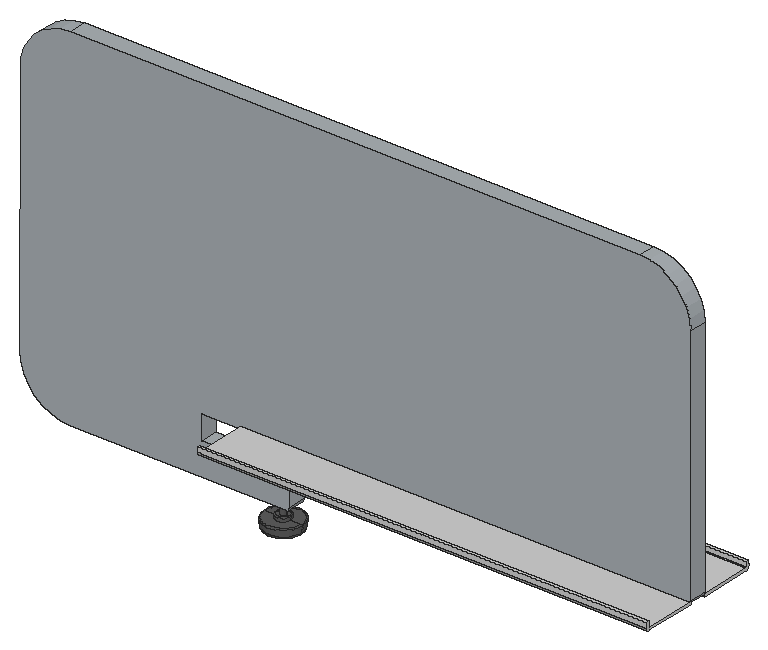
Revit family "Haworth_ActiveComponents_TerritoryScreen_BUILD", category Furniture Systems, Revit 2015
Parameters (values of type "Double-Sided")
  Warranty = "http://www.haworth.com/resources/product-info/warranties"
  URL - Product = "http://www.haworth.com/products/workspaces/accessories/active-components"
  URL = "http://www.haworth.com/"
  Tray Finish [instance] = Haworth _ Metal _ Brushed Aluminum
  Size = "Verify Final Dim. w/ Haworth"  # constant formula
  Single = not(Double)  # no
  Revision Number = "1"  # constant formula
  Model = "AUST"  # constant formula
  Manufacturer = "Haworth"  # constant formula
  Fabric Finish [instance] = Haworth _ Fabric _ Class _ Light Cool Neutral
  Double = yes
  Description = "Haworth - Active Components - Territory Screen"  # constant formula
  Author = "Haworth (Alias)"  # constant formula
  Assembly Code = "E2020200"
  Actual Width = 35"  # constant formula
  Actual Mounting Height = 29"  # constant formula
  Actual Height = 15"  # constant formula
  Actual Depth = 29/32"  # constant formula
Types (2): name | Single | Double
  Double-Sided | no | yes
  Single-Sided | yes | no
Reference planes (in)
  plane 1: z = 0
  plane 2 "Left Edge": x = -12.3125
  plane 3 "Back": y = 7.13569
  plane 4 "Front": y = 6.22944
  plane 5 "Support Top": z = 44
  plane 6 "Center F/B": y = 6.68256
  plane 7 "Bottom Screen": z = 29
  plane 8 "Right Edge": x = 22.6875
  plane 9 "Center LR": x = 5.1875
  plane 10 "Thickness Control": x = 1.0625
  plane 11 "Tray End": x = -0.75
Forms (in)
  Sweep 1, solid, material "Haworth _ Fabric _ Class _ Light Cool Neutral" <- "Fabric Finish"
    path origin (0, 0, 29) x (-1, 0, 0) y (0, -1, 0)
      loop
        line (-5.1875, -6.22944) -> (-5.1875, -7.13569)
    profile origin (5.1875, 6.68256, 29) x (-1, 0, 0) y (0, 0, 1)
      loop
        line (8.01, -0.624) -> (8.01, -1.904) -> (5.69, -1.904) -> (5.69, -2.216) -> (3.6275, -2.216)
        arc (3.6275, -2.216) -> (3.49492, -2.27092) -> (3.44, -2.4035) r 0.1875
        line (3.44, -2.4035) -> (3.44, -3.4285)
        arc (3.44, -3.4285) -> (3.49492, -3.56108) -> (3.6275, -3.616) r 0.1875
        line (3.6275, -3.616) -> (14.875, -3.616)
        arc (14.875, -3.616) -> (16.73116, -2.84716) -> (17.5, -0.991) r 2.625
        line (17.5, -0.991) -> (17.5, 12.191)
        arc (17.5, 12.191) -> (16.73116, 14.04715) -> (14.875, 14.816) r 2.625
        line (14.875, 14.816) -> (-14.875, 14.816)
        arc (-14.875, 14.816) -> (-16.73116, 14.04715) -> (-17.5, 12.191) r 2.625
        line (-17.5, 12.191) -> (-17.5, -0.4365)
        arc (-17.5, -0.4365) -> (-17.44508, -0.56908) -> (-17.3125, -0.624) r 0.1875
        line (-17.3125, -0.624) -> (8.01, -0.624)
  Revolve 2, solid, material "Haworth _ Paint _ Black"
    sketch origin (0, 6.68256, 0) x (0, 0, -1) y (-1, 0, 0)
      loop
        line (-27.196, -1.0625) -> (-27.196, -2.5625) -> (-27.121, -2.5625) -> (-27.121, -1.4375) -> (-26.871, -1.4375) -> (-26.871, -1.2205) -> (-24.871, -1.2205) -> (-24.871, -1.39844)
        arc (-24.871, -1.39844) -> (-24.85956, -1.42606) -> (-24.83194, -1.4375) r 0.03906
        line (-24.83194, -1.4375) -> (-24.683, -1.4375) -> (-24.683, -2.01987)
        arc (-24.683, -2.01987) -> (-24.67033, -2.04867) -> (-24.64053, -2.05878) r 0.03906
        line (-24.64053, -2.05878) -> (-24.28066, -2.0273)
        arc (-24.28066, -2.0273) -> (-24.25526, -2.01478) -> (-24.245, -1.98839) r 0.03906
        line (-24.245, -1.98839) -> (-24.245, -1.0625) -> (-27.196, -1.0625)
      axis (-27.196, -1.0625) -> (-24.245, -1.0625)
    angle from 0 to 360
  Sweep 3, solid, material "Haworth _ Metal _ Brushed Aluminum" <- "Tray Finish", visible <- "Double"
    path origin (0, 0, 29) x (-1, 0, 0) y (0, -1, 0)
      loop
        line (0.75, -6.68256) -> (-22.6875, -6.68256)
    profile origin (10.96875, 6.68256, 29) x (0, 1, 0) y (0, 0, 1)
      loop
        line (-0.45312, -0.499) -> (-3.16215, -0.499)
        arc (-3.16215, -0.499) -> (-3.18538, -0.48938) -> (-3.195, -0.46614) r 0.03285
        line (-3.195, -0.46614) -> (-3.195, -0.189) -> (-3.32, -0.189) -> (-3.32, -0.46775)
        arc (-3.32, -0.46775) -> (-3.27424, -0.57824) -> (-3.16375, -0.624) r 0.15625
        line (-3.16375, -0.624) -> (-0.45312, -0.624) -> (-0.45312, -0.499)
  Sweep 4, solid, material "Haworth _ Metal _ Brushed Aluminum" <- "Tray Finish"
    path origin (0, 13.36513, 29) x (-1, 0, 0) y (0, 1, 0)
      loop
        line (0.75, -6.68256) -> (-22.6875, -6.68256)
    profile origin (10.96875, 6.68256, 29) x (0, 1, 0) y (0, 0, 1)
      loop
        line (0.45312, -0.499) -> (0.45312, -0.624) -> (3.16375, -0.624)
        arc (3.16375, -0.624) -> (3.27424, -0.57824) -> (3.32, -0.46775) r 0.15625
        line (3.32, -0.46775) -> (3.32, -0.189) -> (3.195, -0.189) -> (3.195, -0.46614)
        arc (3.195, -0.46614) -> (3.18538, -0.48938) -> (3.16215, -0.499) r 0.03285
        line (3.16215, -0.499) -> (0.45312, -0.499)
Lines and regions (in)
  Masking region 1
    outline origin (0, 0, 0) x (1, 0, 0) y (0, 1, 0)
      loop
        line (-12.3125, 7.13569) -> (-12.3125, 6.22944) -> (22.6875, 6.22944) -> (22.6875, 7.13569) -> (-12.3125, 7.13569)
  symbolic lines, style "Haworth Hidden", detail levels fine
    curve 1: line (-12.3125, 6.22944, 0) -> (-12.3125, 7.13569, 0)
  symbolic lines, style "Haworth", detail levels medium+fine
    curve 2: line (-0.75, 7.13569, 29) -> (-0.75, 10.00256, 29)
    curve 3: line (-0.75, 10.00256, 29) -> (22.6875, 10.00256, 29)
    curve 4: line (22.6875, 10.00256, 29) -> (22.6875, 7.13569, 29)
  symbolic lines, style "Haworth", visible <- "Double", detail levels medium+fine
    curve 5: line (22.6875, 6.22944, 29) -> (22.6875, 3.36256, 29)
    curve 6: line (22.6875, 3.36256, 29) -> (-0.75, 3.36256, 29)
    curve 7: line (-0.75, 3.36256, 29) -> (-0.75, 6.22944, 29)
Dimensions and locks (in)
  "Actual Depth": plane 3 "Back" to plane 4 "Front"
  equal spacing: plane 3 "Back", plane 6 "Center F/B", plane 4 "Front"
  "Actual Mounting Height": plane 7 "Bottom Screen" to level
  "Actual Height": plane 5 "Support Top" to plane 7 "Bottom Screen"
  "Actual Width": plane 2 "Left Edge" to plane 8 "Right Edge"
  equal spacing: plane 2 "Left Edge", plane 9 "Center LR", plane 8 "Right Edge"
  locked: plane 10 "Thickness Control" to plane 9 "Center LR" at 4.125
  locked: plane 11 "Tray End" to plane 9 "Center LR" at 5.9375
  aligned and locked: plane 8 "Right Edge" to Masking region 1
  aligned and locked: plane 9 "Center LR" to Sweep 1 sketch curve
  aligned and locked: profile plane to plane 7 "Bottom Screen"
  aligned and locked: profile plane to plane 9 "Center LR"
  aligned and locked: curve 1 to plane 2 "Left Edge"
  aligned and locked: plane 3 "Back" to Masking region 1
  aligned and locked: Masking region 1 to plane 4 "Front"
  aligned and locked: plane 3 "Back" to Sweep 1 sketch curve
  aligned and locked: plane 4 "Front" to Sweep 1 sketch curve
  aligned and locked: Revolve 2 sketch curve to plane 10 "Thickness Control"
  aligned and locked: plane 10 "Thickness Control" to Revolve 2 sketch curve
  aligned and locked: Sweep 3 sketch curve to plane 6 "Center F/B"
  aligned and locked: plane 11 "Tray End" to Sweep 3 sketch curve
  aligned and locked: plane 8 "Right Edge" to Sweep 3 sketch curve
  aligned and locked: Sweep 4 sketch curve to plane 6 "Center F/B"
  aligned and locked: plane 8 "Right Edge" to Sweep 4 sketch curve
  aligned and locked: plane 11 "Tray End" to Sweep 4 sketch curve
  aligned and locked: plane 11 "Tray End" to curve 7
  aligned and locked: plane 11 "Tray End" to curve 2
  aligned and locked: curve 5 to plane 8 "Right Edge"
  aligned and locked: curve 4 to plane 8 "Right Edge"
  aligned and locked: curve 6 to Sweep 3
  aligned and locked: curve 3 to Sweep 4
Automatic sketch dimensions
  curve 1 to plane 4 "Front" = 0"
  curve 1 to plane 3 "Back" = 0"
  Masking region 1 sketch curve to plane 2 "Left Edge" = 0"
  Masking region 1 sketch curve to plane 4 "Front" = 0"
  Masking region 1 sketch curve to plane 8 "Right Edge" = 0"
  Masking region 1 sketch curve to plane 3 "Back" = 0"
  Sweep 1 sketch curve to plane 7 "Bottom Screen" = 0.4365"
  profile plane to Sweep 1 sketch curve = 17 1/2"
  Sweep 1 sketch curve to Sweep 1 sketch curve = 3/16"  (x3)
  Sweep 1 sketch curve to Sweep 1 sketch curve = 2 5/8"  (x2)
  Sweep 1 sketch curve to profile plane = 3.44"
  Sweep 1 sketch curve to Sweep 1 sketch curve = 2 1/16"
  Sweep 1 sketch curve to Sweep 1 sketch curve = 2.32"
  Sweep 1 sketch curve to Sweep 1 sketch curve = 6.865"  (x2)
  Sweep 1 sketch curve to plane 7 "Bottom Screen" = 0.991"
  Sweep 1 sketch curve to Sweep 1 sketch curve = 1.025"
  Sweep 1 sketch curve to Sweep 1 sketch curve = 1.28"
  plane 7 "Bottom Screen" to Sweep 1 sketch curve = 12.191"
  Revolve 2 sketch curve to plane 7 "Bottom Screen" = 1.804"
  Revolve 2 sketch curve to Revolve 2 sketch curve = 0.075"
  plane 10 "Thickness Control" to Revolve 2 sketch curve = 0.158"
  Revolve 2 sketch curve to Revolve 2 sketch curve = 1/4"
  Revolve 2 sketch curve to Revolve 2 sketch curve = 2"
  Revolve 2 sketch curve to Revolve 2 sketch curve = 5/128"  (x2)
  Revolve 2 sketch curve to Revolve 2 sketch curve = 0.14894"
  plane 10 "Thickness Control" to Revolve 2 sketch curve = 0.99628"
  Revolve 2 sketch curve to Revolve 2 sketch curve = 0.0034"  (x2)
  Revolve 2 sketch curve to Revolve 2 sketch curve = 0.35987"
  plane 10 "Thickness Control" to Revolve 2 sketch curve = 0.9648"
  Revolve 2 sketch curve to Revolve 2 sketch curve = 0.438"
  Revolve 2 sketch curve to Revolve 2 sketch curve = 1.342"
  Revolve 2 sketch curve to Revolve 2 sketch curve = 0.217"  (x2)
  Revolve 2 sketch curve to Revolve 2 sketch curve = 1/2"
  Revolve 2 sketch curve to Revolve 2 sketch curve = 1.049"
  Sweep 3 sketch curve to plane 7 "Bottom Screen" = 0.46775"
  profile plane to Sweep 3 sketch curve = 3.32"
  Sweep 3 sketch curve to Sweep 3 sketch curve = 1/8"
  Sweep 3 sketch curve to Sweep 3 sketch curve = 1/32"  (x2)
  Sweep 3 sketch curve to Sweep 3 sketch curve = 0.0016"
  profile plane to Sweep 3 sketch curve = 29/64"
  Sweep 3 sketch curve to plane 7 "Bottom Screen" = 0.189"
  Sweep 4 sketch curve to profile plane = 29/64"
  Sweep 4 sketch curve to plane 7 "Bottom Screen" = 0.46614"
  Sweep 4 sketch curve to Sweep 4 sketch curve = 2.70902"
  Sweep 4 sketch curve to Sweep 4 sketch curve = 0.0016"
  Sweep 4 sketch curve to Sweep 4 sketch curve = 0.03285"
  Sweep 4 sketch curve to Sweep 4 sketch curve = 1/8"  (x2)
  Sweep 4 sketch curve to plane 7 "Bottom Screen" = 0.189"
  curve 5 to plane 4 "Front" = 0"
  curve 4 to plane 3 "Back" = 0"
  curve 2 to plane 3 "Back" = 0"
  curve 7 to plane 4 "Front" = 0"
